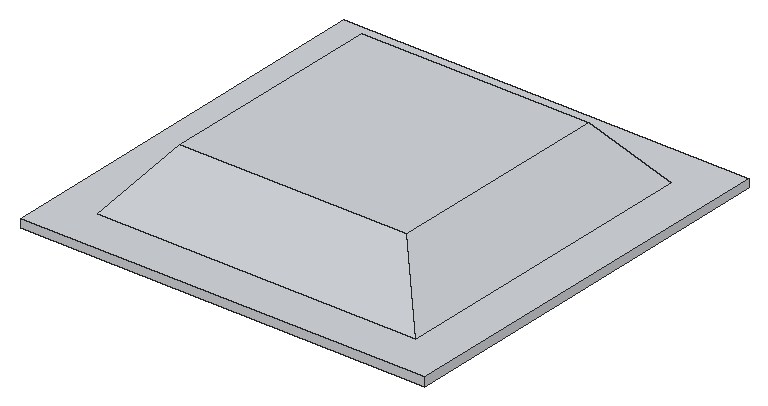
Revit family "Difusor de suprimento - Quadrado", category Terminais de ar, Revit 2019
Family settings
  Cota do conector redondo = Utilizar diâmetro
  Tipo de parte = Normal
  ID de item do Seek = Supply Diffuser - Rectangular Face Round Neck-0000-CAN-ENU
  Com base no plano de trabalho = Não
  Sempre na vertical = Sim
  Corte com vazios quando carregada = Não
  Compartilhado = Não
  Ponto de cálculo do ambiente = Não
Parameters (values of type "Padrão")
  Queda de pressão [instance] = 0.0 Pa
  Largura da lâmina 4 = Largura da grelha * 4 / 5  # 195.2 mm
  Largura da lâmina 3 = Largura da grelha * 3 / 5  # 146.4 mm
  Largura da lâmina 2 = Largura da grelha * 2 / 5  # 97.6 mm
  Largura da lâmina 1 = Largura da grelha * 1 / 5  # 48.8 mm
  Largura da grelha = 244 mm
  Material do difusor = none
  Altura do difusor = 40 mm
  Largura do difusor = 192 mm
  UpFlowArrow [instance] = yes
  Largura do difusor 2 = Largura do difusor - 55 mm  # 137 mm
  RightFlowArrow [instance] = yes
  LeftFlowArrow [instance] = yes
  Fluxo [instance] = 0.0 L/s
  Largura do duto = 150 mm
  DownFlowArrow [instance] = yes
  Assembly Code = ""
Reference planes
  plane 1 "Centro (frente/trás)": y = 0
  plane 2: z = 0
  plane 3 "Centro (direita/esquerda)": x = 0
  plane 4: x = 457.2
  plane 5: y = 457.2
  plane 6: x = -457.2
  plane 7: y = -457.2
  plane 8 "Face da grelha": z = -5
  plane 9 "Inferior": z = 0
  plane 10 "Superior": z = 35
  plane 11 "Esquerda da grelha": x = -122
  plane 12 "Direita da grelha": x = 122
  plane 13 "Traseira da grelha": y = 122
  plane 14 "Frente da grelha": y = -122
  plane 15 "Esquerda": x = -96
  plane 16 "Direita": x = 96
  plane 17 "Parte posterior": y = 96
  plane 18 "Parte frontal": y = -96
  plane 19 "Frente superior do difusor": y = -68.5
  plane 20 "Traseira superior do difusor": y = 68.5
  plane 21 "Direita superior do difusor": x = 68.5
  plane 22 "Esquerda superior do difusor": x = -68.5
  plane 23 "Direita da lâmina 4": x = 97.6
  plane 24 "Frente da lâmina 4": y = -97.6
  plane 25 "Traseira da lâmina 4": y = 97.6
  plane 26 "Esquerda da lâmina 4": x = -97.6
  plane 27 "Traseira da lâmina 3": y = 73.2
  plane 28 "Frente da lâmina 3": y = -73.2
  plane 29 "Esquerda da lâmina 3": x = -73.2
  plane 30 "Direita da lâmina 3": x = 73.2
  plane 31 "Traseira da lâmina 2": y = 48.8
  plane 32 "Frente da lâmina 2": y = -48.8
  plane 33 "Direita da lâmina 2": x = 48.8
  plane 34 "Esquerda da lâmina 2": x = -48.8
  plane 35 "Esquerda da lâmina 1": x = -24.4
  plane 36 "Direita da lâmina 1": x = 24.4
  plane 37 "Traseira a lâmina 1": y = 24.4
  plane 38 "Frente da lâmina 1": y = -24.4
Forms (mm)
  Blend 1, solid, material <- "Material do difusor"
    base sketch origin (0, 0, 0) x (1, 0, 0) y (0, 1, 0)
      loop
        line (-96, 96) -> (-96, -96) -> (96, -96) -> (96, 96) -> (-96, 96)
    top sketch origin (0, 0, 0) x (1, 0, 0) y (0, 1, 0)
      loop
        line (-68.5, 68.5) -> (-68.5, -68.5) -> (68.5, -68.5) -> (68.5, 68.5) -> (-68.5, 68.5)
    from 0 to 35
  Extrusion 2, solid, material <- "Material do difusor"
    sketch origin (0, 0, 0) x (1, 0, 0) y (0, 1, 0)
      loop
        line (-122, 122) -> (-122, -122) -> (122, -122) -> (122, 122) -> (-122, 122)
    from 0 to -5
Lines and regions (mm)
  symbolic lines
    curve 1: line (-96, 96, 0) -> (96, 96, 0)
    curve 2: line (96, 96, 0) -> (96, -96, 0)
    curve 3: line (96, -96, 0) -> (-96, -96, 0)
    curve 4: line (-96, -96, 0) -> (-96, 96, 0)
    curve 5: line (-96, 96, 0) -> (96, -96, 0)
    curve 6: line (-96, -96, 0) -> (96, 96, 0)
  model lines
    curve 7: line (-24.4, 24.4, -5) -> (24.4, 24.4, -5)
    curve 8: line (-24.4, -24.4, -5) -> (-24.4, 24.4, -5)
    curve 9: line (24.4, -24.4, -5) -> (-24.4, -24.4, -5)
    curve 10: line (24.4, 24.4, -5) -> (24.4, -24.4, -5)
    curve 11: line (-48.8, 48.8, -5) -> (48.8, 48.8, -5)
    curve 12: line (-48.8, -48.8, -5) -> (-48.8, 48.8, -5)
    curve 13: line (48.8, -48.8, -5) -> (-48.8, -48.8, -5)
    curve 14: line (48.8, 48.8, -5) -> (48.8, -48.8, -5)
    curve 15: line (-73.2, 73.2, -5) -> (73.2, 73.2, -5)
    curve 16: line (-73.2, -73.2, -5) -> (-73.2, 73.2, -5)
    curve 17: line (73.2, -73.2, -5) -> (-73.2, -73.2, -5)
    curve 18: line (73.2, 73.2, -5) -> (73.2, -73.2, -5)
    curve 19: line (-97.6, 97.6, -5) -> (97.6, 97.6, -5)
    curve 20: line (-97.6, -97.6, -5) -> (-97.6, 97.6, -5)
    curve 21: line (97.6, -97.6, -5) -> (-97.6, -97.6, -5)
    curve 22: line (97.6, 97.6, -5) -> (97.6, -97.6, -5)
Dimensions and locks
  "Largura do duto": nested 3 to plane 3 "Centro (direita/esquerda)"
  "Largura da grelha": nested 2 to plane 1 "Centro (frente/trás)"
  "Largura da grelha": plane 3 "Centro (direita/esquerda)" to nested 1
  "Largura da grelha": nested 4 to plane 1 "Centro (frente/trás)"
  locked: plane 9 "Inferior" to plane 8 "Face da grelha" at 5
  "Altura do difusor": plane 10 "Superior" to plane 8 "Face da grelha"
  equal spacing: plane 11 "Esquerda da grelha", plane 3 "Centro (direita/esquerda)", plane 12 "Direita da grelha"
  "Largura da grelha": plane 11 "Esquerda da grelha" to plane 12 "Direita da grelha"
  equal spacing: plane 13 "Traseira da grelha", plane 1 "Centro (frente/trás)", plane 14 "Frente da grelha"
  "Largura da grelha": plane 13 "Traseira da grelha" to plane 14 "Frente da grelha"
  equal spacing: plane 18 "Parte frontal", plane 1 "Centro (frente/trás)", plane 17 "Parte posterior"
  "Largura do difusor": plane 17 "Parte posterior" to plane 18 "Parte frontal"
  equal spacing: plane 15 "Esquerda", plane 3 "Centro (direita/esquerda)", plane 16 "Direita"
  "Largura do difusor": plane 15 "Esquerda" to plane 16 "Direita"
  equal spacing: plane 20 "Traseira superior do difusor", plane 1 "Centro (frente/trás)", plane 19 "Frente superior do difusor"
  "Largura do difusor 2": plane 20 "Traseira superior do difusor" to plane 19 "Frente superior do difusor"
  "Largura do difusor 2": plane 22 "Esquerda superior do difusor" to plane 21 "Direita superior do difusor"
  equal spacing: plane 22 "Esquerda superior do difusor", plane 3 "Centro (direita/esquerda)", plane 21 "Direita superior do difusor"
  equal spacing: plane 26 "Esquerda da lâmina 4", plane 3 "Centro (direita/esquerda)", plane 23 "Direita da lâmina 4"
  "Largura da lâmina 4": plane 26 "Esquerda da lâmina 4" to plane 23 "Direita da lâmina 4"
  equal spacing: plane 24 "Frente da lâmina 4", plane 1 "Centro (frente/trás)", plane 25 "Traseira da lâmina 4"
  "Largura da lâmina 4": plane 24 "Frente da lâmina 4" to plane 25 "Traseira da lâmina 4"
  equal spacing: plane 29 "Esquerda da lâmina 3", plane 3 "Centro (direita/esquerda)", plane 30 "Direita da lâmina 3"
  "Largura da lâmina 3": plane 29 "Esquerda da lâmina 3" to plane 30 "Direita da lâmina 3"
  equal spacing: plane 28 "Frente da lâmina 3", plane 1 "Centro (frente/trás)", plane 27 "Traseira da lâmina 3"
  "Largura da lâmina 3": plane 28 "Frente da lâmina 3" to plane 27 "Traseira da lâmina 3"
  equal spacing: plane 31 "Traseira da lâmina 2", plane 1 "Centro (frente/trás)", plane 32 "Frente da lâmina 2"
  "Largura da lâmina 2": plane 32 "Frente da lâmina 2" to plane 31 "Traseira da lâmina 2"
  equal spacing: plane 34 "Esquerda da lâmina 2", plane 3 "Centro (direita/esquerda)", plane 33 "Direita da lâmina 2"
  "Largura da lâmina 2": plane 34 "Esquerda da lâmina 2" to plane 33 "Direita da lâmina 2"
  equal spacing: plane 37 "Traseira a lâmina 1", plane 1 "Centro (frente/trás)", plane 38 "Frente da lâmina 1"
  "Largura da lâmina 1": plane 38 "Frente da lâmina 1" to plane 37 "Traseira a lâmina 1"
  equal spacing: plane 35 "Esquerda da lâmina 1", plane 3 "Centro (direita/esquerda)", plane 36 "Direita da lâmina 1"
  "Largura da lâmina 1": plane 35 "Esquerda da lâmina 1" to plane 36 "Direita da lâmina 1"
  aligned and locked: curve 1 to Blend 1
  aligned and locked: curve 2 to Blend 1
  aligned and locked: curve 3 to Blend 1
  aligned and locked: curve 4 to Blend 1
  aligned and locked: plane 3 "Centro (direita/esquerda)" to nested 2
  aligned and locked: plane 1 "Centro (frente/trás)" to nested 1
  aligned and locked: nested 4 to plane 3 "Centro (direita/esquerda)"
  aligned and locked: nested 3 to plane 1 "Centro (frente/trás)"
  aligned and locked: plane 2 to plane 9 "Inferior"
  aligned and locked: plane 10 "Superior" to Blend 1
  aligned and locked: Extrusion 2 to plane 9 "Inferior"
  aligned and locked: Extrusion 2 to plane 8 "Face da grelha"
  aligned and locked: Extrusion 2 sketch curve to plane 13 "Traseira da grelha"
  aligned and locked: plane 11 "Esquerda da grelha" to Extrusion 2 sketch curve
  aligned and locked: plane 14 "Frente da grelha" to Extrusion 2 sketch curve
  aligned and locked: Extrusion 2 sketch curve to plane 12 "Direita da grelha"
  aligned and locked: Blend 1 sketch curve to plane 17 "Parte posterior"
  aligned and locked: plane 15 "Esquerda" to Blend 1 sketch curve
  aligned and locked: Blend 1 sketch curve to plane 18 "Parte frontal"
  aligned and locked: plane 16 "Direita" to Blend 1 sketch curve
  aligned and locked: Blend 1 sketch curve to plane 19 "Frente superior do difusor"
  aligned and locked: plane 22 "Esquerda superior do difusor" to Blend 1 sketch curve
  aligned and locked: Blend 1 sketch curve to plane 20 "Traseira superior do difusor"
  aligned and locked: plane 21 "Direita superior do difusor" to Blend 1 sketch curve
  aligned and locked: curve 20 to plane 26 "Esquerda da lâmina 4"
  aligned and locked: plane 25 "Traseira da lâmina 4" to curve 19
  aligned and locked: curve 22 to plane 23 "Direita da lâmina 4"
  aligned and locked: plane 24 "Frente da lâmina 4" to curve 21
  aligned and locked: curve 16 to plane 29 "Esquerda da lâmina 3"
  aligned and locked: plane 28 "Frente da lâmina 3" to curve 17
  aligned and locked: curve 18 to plane 30 "Direita da lâmina 3"
  aligned and locked: plane 27 "Traseira da lâmina 3" to curve 15
  aligned and locked: plane 32 "Frente da lâmina 2" to curve 13
  aligned and locked: curve 14 to plane 33 "Direita da lâmina 2"
  aligned and locked: plane 31 "Traseira da lâmina 2" to curve 11
  aligned and locked: curve 12 to plane 34 "Esquerda da lâmina 2"
  aligned and locked: curve 8 to plane 35 "Esquerda da lâmina 1"
  aligned and locked: plane 37 "Traseira a lâmina 1" to curve 7
  aligned and locked: curve 10 to plane 36 "Direita da lâmina 1"
  aligned and locked: plane 38 "Frente da lâmina 1" to curve 9
Nested families
  nested 1: "Seta do terminal do duto" at (244, 0, 0), visible <- "RightFlowArrow", type "Seta do terminal do duto"
  nested 2: "Seta do terminal do duto" at (0, 244, 0) x (0, 1, 0) z (0, 0, 1), visible <- "UpFlowArrow", type "Seta do terminal do duto"
  nested 3: "Seta do terminal do duto" at (-150, 0, 0) x (-1, 0, 0) z (0, 0, 1), visible <- "LeftFlowArrow", type "Seta do terminal do duto"
  nested 4: "Seta do terminal do duto" at (0, -244, 0) x (0, -1, 0) z (0, 0, 1), visible <- "DownFlowArrow", type "Seta do terminal do duto"
Connectors
  hvac at (0, 0, 35), driven by "Queda de pressão", driven by "Fluxo", driven by "Largura do duto", driven by "Largura do duto"
    settings: on Blend 1, index 1, duct flow 0.0 L/s, flow factor 0, pres drop 0.0 Pa, loss coef 0, conn angle 0.00°, conn width 150 mm, conn height 150 mm, conn diameter 150 mm, duct sys type 1, conn prof type 1, flow config 1, flow direction 1, loss method 4, conn ref index -1, conn util no, is conn primary yes, conn desc "Entrada de ar"
Definition of nested family "Seta do terminal do duto"
  Parameters
    Largura = 600 mm
    Visibilidade 1 = yes
    Visibilidade 2 = no
    Comprimento 4 = (Meio comprimento 1 - Comprimento 5 * sin(20.00°) * 4) / 2  # 70.515 mm
    Comprimento 5 = Comprimento 2 * tan(20.00°)  # 116.199 mm
    Comprimento 3 = Comprimento 2 * 0.5  # 159.627 mm
    Comprimento 2 = Meio comprimento 1 / cos(20.00°)  # 319.253 mm
    Comprimento 1 = if(Altura > Largura, Altura, Largura)  # 600 mm
    Altura = 600 mm
    Meio comprimento 1 = Comprimento 1 * 0.5  # 300 mm
    Assembly Code = ""
  Reference planes
    plane 1 "Centro (Frente/Trás)": y = 0
    plane 2: z = 0
    plane 3 "Centro (Esquerda/Direita)": x = 0
  Lines and regions (mm)
    Filled region 1, type "Tijolo", in view "Nível de referência", visible <- "Visibilidade 1"
      outline origin (0, 0, 0) x (1, 0, 0) y (0, 1, 0)
        loop
          line (600, 0) -> (300, 109.191) -> (300, -109.191) -> (600, 0)
    Filled region 2, type "Preenchimento sólido - Preto", in view "Nível de referência", visible <- "Visibilidade 2"
      outline origin (0, 0, 0) x (1, 0, 0) y (0, 1, 0)
        loop
          line (-300, 109.191) -> (-300, -109.191) -> (0, 0) -> (-300, 109.191)
    detail lines, in view "Nível de referência", visible <- "Visibilidade 1"
      curve 1: line (0, 0, 0) -> (600, 0, 0)
      curve 2: line (600, 0, 0) -> (300, 109.191, 0)
      curve 3: line (600, 0, 0) -> (300, -109.191, 0)
      curve 4: line (300, 109.191, 0) -> (300, -109.191, 0)
    detail lines, in view "Nível de referência", visible <- "Visibilidade 2"
      curve 5: line (-300, 0, 0) -> (0, 0, 0)
      curve 6: line (0, 0, 0) -> (-300, 109.191, 0)
      curve 7: line (0, 0, 0) -> (-300, -109.191, 0)
      curve 8: line (-300, 109.191, 0) -> (-300, -109.191, 0)
      curve 9: line (-300, 0, 0) -> (-370.515, 0, 0)
      curve 10: line (-370.515, 0, 0) -> (-410.258, 109.191, 0)
      curve 11: line (-450, 0, 0) -> (-410.258, 109.191, 0)
      curve 12: line (-450, 0, 0) -> (-489.742, -109.191, 0)
      curve 13: line (-529.485, 0, 0) -> (-489.742, -109.191, 0)
      curve 14: line (-529.485, 0, 0) -> (-600, 0, 0)
  Dimensions and locks
    "Comprimento 1": curve 1 to curve 1
    "Comprimento 2": curve 2 to curve 2
    "Comprimento 2": curve 3 to curve 3
    "Meio comprimento 1": curve 5 to curve 5
    "Comprimento 2": curve 6 to curve 6
    "Comprimento 2": curve 7 to curve 7
    "Comprimento 4": curve 9 to curve 9
    "Comprimento 5": curve 10 to curve 10
    "Comprimento 5": curve 11 to curve 11
    "Comprimento 5": curve 12 to curve 12
    "Comprimento 5": curve 13 to curve 13
    "Comprimento 4": curve 14 to curve 14
    locked: curve 2 to curve 1 (angle 20.00°)
    locked: curve 6 to curve 5 (angle 20.00°)
    locked: curve 9 to curve 10 (angle 110.00°)
    locked: curve 11 to curve 12 (angle 180.00°)
    aligned and locked: plane 1 "Centro (Frente/Trás)" to curve 1
    aligned and locked: Filled region 1 sketch curve to curve 2
    aligned and locked: Filled region 1 sketch curve to curve 3
    aligned and locked: Filled region 1 sketch curve to curve 4
    aligned and locked: plane 1 "Centro (Frente/Trás)" to curve 5
    aligned and locked: plane 3 "Centro (Esquerda/Direita)" to curve 5
    aligned and locked: Filled region 2 sketch curve to curve 8
    aligned and locked: Filled region 2 sketch curve to curve 6
    aligned and locked: Filled region 2 sketch curve to curve 7
    aligned and locked: curve 14 to plane 1 "Centro (Frente/Trás)"
  Automatic sketch dimensions
    plane 1 "Centro (Frente/Trás)" to curve 12 = 0 mm
Types in the file's own list only (11): name | Largura da lâmina 4 | Largura da lâmina 3 | Largura da lâmina 2 | Largura da lâmina 1 | Largura da grelha | Largura do difusor | Largura do difusor 2 | Largura do duto
  192 x 192 | 195 mm | 146 mm | 98 mm | 49 mm | 244 mm | 192 mm | 137 mm | 150 mm
  248 x 248 | 240 mm | 180 mm | 120 mm | 60 mm | 300 mm | 248 mm | 193 mm | 200 mm
  304 x 304 | 285 mm | 214 mm | 142 mm | 71 mm | 356 mm | 304 mm | 249 mm | 250 mm
  360 x 360 | 330 mm | 247 mm | 165 mm | 82 mm | 412 mm | 360 mm | 305 mm | 300 mm
  416 x 416 | 374 mm | 281 mm | 187 mm | 94 mm | 468 mm | 416 mm | 361 mm | 375 mm
  446 x 446 | 398 mm | 299 mm | 199 mm | 100 mm | 498 mm | 446 mm | 391 mm | 400 mm
  546 x 546 | 478 mm | 359 mm | 239 mm | 120 mm | 598 mm | 546 mm | 491 mm | 500 mm
  571 x 571 | 498 mm | 374 mm | 249 mm | 125 mm | 623 mm | 571 mm | 516 mm | 550 mm
  642 x 642 | 555 mm | 416 mm | 278 mm | 139 mm | 694 mm | 642 mm | 587 mm | 600 mm
  698 x 698 | 600 mm | 450 mm | 300 mm | 150 mm | 750 mm | 698 mm | 643 mm | 650 mm
  754 x 754 | 645 mm | 484 mm | 322 mm | 161 mm | 806 mm | 754 mm | 699 mm | 700 mm
